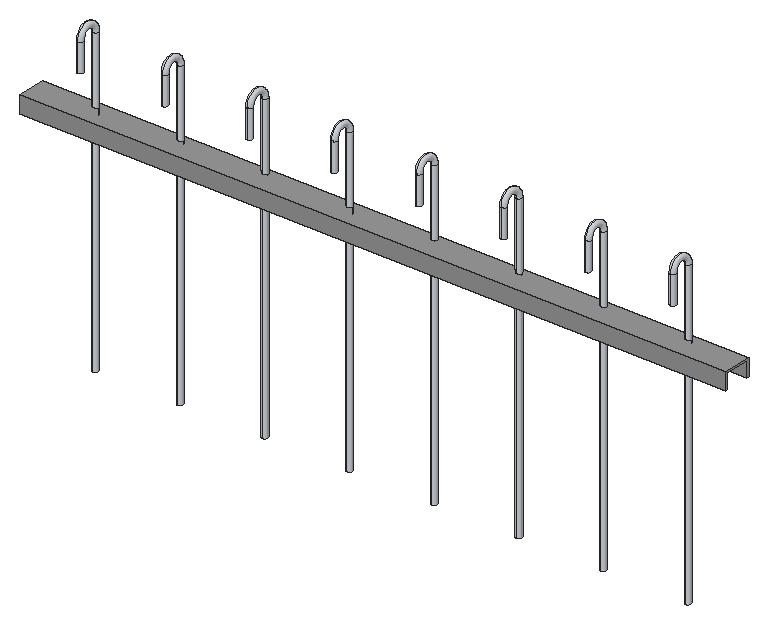
Revit family "Strittekasse_VHQ_10-15_p_i_t_40110010", category Generic Models, Revit 2019
Family settings
  Can host rebar = No
  Round Connector Dimension = Use Diameter
  Part Type = Normal
  Work Plane-Based = Yes
  Always vertical = No
  Cut with Voids When Loaded = No
  Shared = No
  Room Calculation Point = No
Parameters (values of type "VHQ 10/15")
  Website Link = "https://haucon.dk/produkt/strittekasse-enkelt/#variations"
  Technical Data Sheet = "https://haucon.dk/wp-content/uploads/2016/05/4011005-Enkelt-Strittekasse-TDS-ENG.pdf"
  Sheet Metal Width = 50 mm
  Sheet Metal Length = 1250 mm
  Sheet Metal Height = 30 mm
  Rebar Ø = 10 mm
  Rebar Top Height = 170 mm
  Rebar Bottom Height = 390 mm
  Rebar = Rebar, BSt 500 S
  Metal = Metal Panel
  Distance From Start = 100 mm
  Default Elevation = 1219.2 mm
  CenterToCenter = 150 mm
  Array Count = Sheet Metal Length / CenterToCenter  # 8
Types (4, lengths in mm): name | Sheet Metal Width | Sheet Metal Height | Rebar Ø | Rebar Bottom Height
  (no name) | 50 | 30 | 10 | 390
  VHQ 8/15 | 50 | 30 | 8 | 320
  VHQ 10/15 | 50 | 30 | 10 | 390
  VHQ 12/15 | 80 | 40 | 12 | 460
Reference planes
  plane 1 "Center (Front/Back)": y = 0
  plane 2: z = 0
  plane 3 "Center (Left/Right)": x = 0
  plane 4: y = 25
  plane 5: y = -25
  plane 6: z = 30
  plane 7: x = 1250
  plane 8: x = 100
  plane 9: x = 250
  plane 10: x = 400
  plane 11: x = 550
  plane 12: x = 700
  plane 13: x = 850
  plane 14: x = 1000
  plane 15: x = 1150
Forms (mm)
  Extrusion 1, solid, material "Metal Panel" <- "Metal"
    sketch origin (0, 0, 0) x (0, 1, 0) y (0, 0, 1)
      loop
        line (25, 0) -> (25, 30) -> (-25, 30) -> (-25, 0) -> (-22, 0) -> (-22, 27) -> (22, 27) -> (22, 0) -> (25, 0)
    from 0 to 1250
Dimensions and locks
  equal spacing: plane 4, plane 1 "Center (Front/Back)", plane 5
  "Sheet Metal Width": plane 4 to plane 5
  "Sheet Metal Height": plane 6 to level
  "Sheet Metal Length": plane 3 "Center (Left/Right)" to plane 7
  equal spacing: group 1, group 2, group 3, group 4, group 5, group 6, group 7, group 8  (x3)
  "Rebar Top Height": nested 1 to level
  "Rebar Bottom Height": level to nested 1
  "Distance From Start": plane 3 "Center (Left/Right)" to plane 8
  "CenterToCenter": plane 8 to plane 9
  aligned and locked: level to plane 2
  aligned and locked: Extrusion 1 sketch curve to plane 4
  aligned and locked: plane 6 to Extrusion 1 sketch curve
  aligned and locked: Extrusion 1 sketch curve to plane 5
  aligned and locked: Extrusion 1 to plane 7
  aligned and locked: Extrusion 1 to plane 3 "Center (Left/Right)"
Automatic sketch dimensions
  Extrusion 1 sketch curve to level = 0 mm  (x2)
  plane 5 to Extrusion 1 sketch curve = 3 mm
  Extrusion 1 sketch curve to Extrusion 1 sketch curve = 3 mm
  Extrusion 1 sketch curve to plane 6 = 3 mm
Nested families
  nested 1: "Rebar" at (75, 25, 0), type "Rebar"
    with Rebar Ø 10 mm, Rebar Bottom Height 390 mm
  nested 2: "Rebar" at (225, 25, 0), type "Rebar"
    with Rebar Ø 10 mm, Rebar Bottom Height 390 mm
  nested 3: "Rebar" at (375, 25, 0), type "Rebar"
    with Rebar Ø 10 mm, Rebar Bottom Height 390 mm
  nested 4: "Rebar" at (525, 25, 0), type "Rebar"
    with Rebar Ø 10 mm, Rebar Bottom Height 390 mm
  nested 5: "Rebar" at (675, 25, 0), type "Rebar"
    with Rebar Ø 10 mm, Rebar Bottom Height 390 mm
  nested 6: "Rebar" at (825, 25, 0), type "Rebar"
    with Rebar Ø 10 mm, Rebar Bottom Height 390 mm
  nested 7: "Rebar" at (975, 25, 0), type "Rebar"
    with Rebar Ø 10 mm, Rebar Bottom Height 390 mm
  nested 8: "Rebar" at (1125, 25, 0), type "Rebar"
    with Rebar Ø 10 mm, Rebar Bottom Height 390 mm
Definition of nested family "Rebar"
  Parameters (values of type "Rebar")
    Rebar Top Height = 170 mm
    Rebar Ø = 8 mm
    Rebar Bottom Height = 320 mm
    Rebar = none
    Default Elevation = 1219.2 mm
  Reference planes
    plane 1 "Center (Front/Back)": y = 0
    plane 2: z = 0
    plane 3 "Center (Left/Right)": x = 0
    plane 4: z = 30
    plane 5: y = -3.313
    plane 6: z = 170
    plane 7: z = -320
  Forms (mm)
    Sweep 1, solid
      path origin (0, -0.313, 0) x (0, 1, 0) y (0, 0, 1)
        loop
          line (-8, -320) -> (-8, 149.145)
          arc (-8, 149.145) -> (-24.865, 166.01) -> (-41.73, 149.145) r 16.865
          line (-41.73, 149.145) -> (-41.73, 99.145)
      profile origin (0, -8.312, -85.428) x (0, -1, 0) y (1, 0, 0)
        loop
          circle (0, 25) r 4
  Dimensions and locks
    plane 4 to level = 30 mm
    locked: plane 6 to Sweep 1 sketch curve at 3.99
    "Rebar Top Height": plane 6 to level
    "Rebar Bottom Height": level to plane 7
    "Rebar Ø": diameter of Sweep 1 sketch curve
    aligned and locked: level to plane 2
    aligned and locked: plane 7 to Sweep 1 sketch curve
  Automatic sketch dimensions
    Sweep 1 sketch curve to plane 5 = 38.73 mm
    Sweep 1 sketch curve to Sweep 1 sketch curve = 16.865 mm
    Sweep 1 sketch curve to Sweep 1 sketch curve = 50 mm
    Sweep 1 sketch curve to profile plane = 0 mm
    plane 3 "Center (Left/Right)" to Sweep 1 sketch curve = 25 mm
